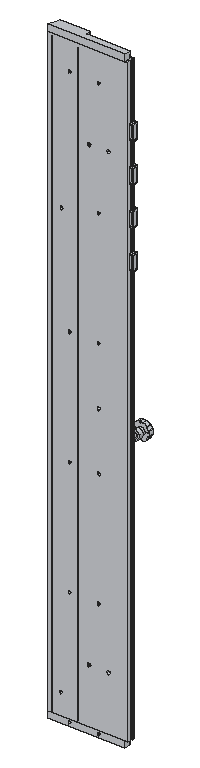
Revit family
Parameters
  URL = "http://www.gcx.com"
  GCX Mounting Channel [instance] = none
  P_Tag = ""
  Product Documentation Link = "http://www.gcx.com/tools/product-detail/components/332"
  Model = "FWM-0001-12"
  Manufacturer = "GCX, Corp."  # constant formula
  Height from Ground [instance] = 9.84252"
  GCX 2D [instance] = none
  Description = "49\"/124.5 cm channel - 13 lbs/5.9 kg to 18 lbs/8.2 kg weight range"
  Copyright © = "© 2013 GCX, Corp."  # constant formula
  Catalog = "VHC Series"  # constant formula
  Authoring Version = "Autodesk Revit Architecture 2011"  # constant formula
  Assembly Code = "E1020810"
Reference planes (in)
  plane 1 "Center (Front/Back)": y = 0
  plane 2: z = 0
  plane 3 "Center (Left/Right)": x = 0
  plane 4: y = 0.8255
  plane 5 "Heighr from Ground": z = 9.84252
Forms (in)
  Extrusion 1, solid, material <- "GCX Mounting Channel", not visible, detail levels fine
    sketch origin (0, 12.47189, 0) x (0, -1, 0) y (1, 0, 0)
      loop
        line (11.48021, -0.2575) -> (11.34989, -0.2575) -> (11.34989, -0.51439)
        arc (11.34989, -0.51439) -> (11.38448, -0.59791) -> (11.468, -0.6325) r 0.11811
        line (11.468, -0.6325) -> (12.25989, -0.6325) -> (12.25989, -0.23719)
        arc (12.25989, -0.23719) -> (12.25413, -0.22327) -> (12.24021, -0.2175) r 0.01969
        line (12.24021, -0.2175) -> (12.18958, -0.2175)
        arc (12.18958, -0.2175) -> (12.17566, -0.21173) -> (12.16989, -0.19781) r 0.01969
        line (12.16989, -0.19781) -> (12.16989, 1.76281)
        arc (12.16989, 1.76281) -> (12.17566, 1.77673) -> (12.18958, 1.7825) r 0.01969
        line (12.18958, 1.7825) -> (12.24021, 1.7825)
        arc (12.24021, 1.7825) -> (12.25413, 1.78827) -> (12.25989, 1.80219) r 0.01969
        line (12.25989, 1.80219) -> (12.25989, 2.1975) -> (11.468, 2.1975)
        arc (11.468, 2.1975) -> (11.38448, 2.16291) -> (11.34989, 2.07939) r 0.11811
        line (11.34989, 2.07939) -> (11.34989, 1.8225) -> (11.48021, 1.8225)
        arc (11.48021, 1.8225) -> (11.49413, 1.82827) -> (11.49989, 1.84219) r 0.01969
        line (11.49989, 1.84219) -> (11.49989, 2.02782)
        arc (11.49989, 2.02782) -> (11.50566, 2.04173) -> (11.51958, 2.0475) r 0.01969
        line (11.51958, 2.0475) -> (11.75021, 2.0475)
        arc (11.75021, 2.0475) -> (11.76413, 2.04173) -> (11.76989, 2.02782) r 0.01969
        line (11.76989, 2.02782) -> (11.76989, 1.87719)
        arc (11.76989, 1.87719) -> (11.77566, 1.86327) -> (11.78958, 1.8575) r 0.01969
        line (11.78958, 1.8575) -> (11.95021, 1.8575)
        arc (11.95021, 1.8575) -> (11.96413, 1.85173) -> (11.96989, 1.83782) r 0.01969
        line (11.96989, 1.83782) -> (11.96989, -0.27281)
        arc (11.96989, -0.27281) -> (11.96413, -0.28673) -> (11.95021, -0.2925) r 0.01969
        line (11.95021, -0.2925) -> (11.78958, -0.2925)
        arc (11.78958, -0.2925) -> (11.77566, -0.29827) -> (11.76989, -0.31219) r 0.01969
        line (11.76989, -0.31219) -> (11.76989, -0.46281)
        arc (11.76989, -0.46281) -> (11.76413, -0.47673) -> (11.75021, -0.4825) r 0.01969
        line (11.75021, -0.4825) -> (11.51958, -0.4825)
        arc (11.51958, -0.4825) -> (11.50566, -0.47673) -> (11.49989, -0.46281) r 0.01969
        line (11.49989, -0.46281) -> (11.49989, -0.27719)
        arc (11.49989, -0.27719) -> (11.49413, -0.26327) -> (11.48021, -0.2575) r 0.01969
    from 8.34252 to 36.34252
  Extrusion 2, solid, material <- "GCX Mounting Channel", not visible, detail levels fine
    sketch origin (0, 12.47189, 0) x (0, -1, 0) y (1, 0, 0)
      loop
        line (11.39489, 0.1975) -> (11.39489, 1.3975) -> (11.76989, 1.3975) -> (11.76989, 2.02289) -> (11.51989, 2.02289) -> (11.51989, 1.7975) -> (11.31989, 1.7975) -> (11.31989, 2.9725) -> (11.01989, 2.9725) -> (11.01989, -0.2025) -> (11.51989, -0.2025) -> (11.51989, -0.4525) -> (11.76989, -0.4525) -> (11.76989, 0.1975) -> (11.39489, 0.1975)
    from 15.59252 to 16.34252
  Revolve 3, solid, material <- "GCX Mounting Channel", not visible, detail levels fine
    sketch origin (-4.00015, 12.47189, 15.96752) x (0, -1, 0) y (1, 0, 0)
      loop
        line (11.84989, 6.59765) -> (10.31646, 6.59765) -> (10.31646, 6.14145)
        arc (10.31646, 6.14145) -> (10.39302, 5.94955) -> (10.58066, 5.86304) r 0.27879
        line (10.58066, 5.86304) -> (10.66391, 5.85868)
        arc (10.66391, 5.85868) -> (10.7009, 5.87232) -> (10.71646, 5.90854) r 0.04993
        line (10.71646, 5.90854) -> (10.71646, 6.32864) -> (10.9439, 6.33659)
        arc (10.9439, 6.33659) -> (10.96233, 6.34479) -> (10.96989, 6.3635) r 0.02693
        line (10.96989, 6.3635) -> (10.96989, 6.4739) -> (11.46989, 6.4739) -> (11.46989, 6.3486) -> (11.8052, 6.35445)
        arc (11.8052, 6.35445) -> (11.83685, 6.36805) -> (11.84989, 6.39993) r 0.04548
        line (11.84989, 6.39993) -> (11.84989, 6.59765)
      axis (10.31646, 6.59765) -> (11.84989, 6.59765)
    angle from 0 to 360
  Extrusion 4, void, not visible
    sketch origin (-4.00015, 0, -47.68998) x (1, 0, 0) y (0, 0, 1)
      loop
        arc (6.47391, 64.27338) -> (6.45131, 64.28282) -> (6.42682, 64.28206) r 0.05784
        arc (6.42682, 64.28206) -> (6.27155, 64.21908) -> (6.13988, 64.11545) r 0.59733
        arc (6.13988, 64.11545) -> (6.12857, 64.09704) -> (6.12587, 64.07561) r 0.05118
        arc (6.12587, 64.07561) -> (6.0969, 63.9455) -> (5.99836, 63.85574) r 0.22093
        arc (5.99836, 63.85574) -> (5.98009, 63.84173) -> (5.96959, 63.82122) r 0.05236
        arc (5.96959, 63.82122) -> (5.94895, 63.65612) -> (5.97045, 63.49112) r 0.65701
        arc (5.97045, 63.49112) -> (5.98065, 63.47138) -> (5.9983, 63.45789) r 0.05078
        arc (5.9983, 63.45789) -> (6.09688, 63.36813) -> (6.12587, 63.238) r 0.22093
        arc (6.12587, 63.238) -> (6.12857, 63.21656) -> (6.13988, 63.19815) r 0.05118
        arc (6.13988, 63.19815) -> (6.27155, 63.09452) -> (6.42682, 63.03155) r 0.59733
        arc (6.42682, 63.03155) -> (6.45131, 63.03078) -> (6.47391, 63.04022) r 0.05784
        arc (6.47391, 63.04022) -> (6.5978, 63.07866) -> (6.7211, 63.03841) r 0.21381
        arc (6.7211, 63.03841) -> (6.74111, 63.02974) -> (6.76291, 63.03018) r 0.05118
        arc (6.76291, 63.03018) -> (6.92127, 63.09309) -> (7.05542, 63.19815) r 0.59733
        arc (7.05542, 63.19815) -> (7.06673, 63.21656) -> (7.06943, 63.238) r 0.05118
        arc (7.06943, 63.238) -> (7.09838, 63.36806) -> (7.19686, 63.45783) r 0.22093
        arc (7.19686, 63.45783) -> (7.21464, 63.47143) -> (7.22491, 63.49132) r 0.05118
        arc (7.22491, 63.49132) -> (7.24635, 63.65622) -> (7.22571, 63.82122) r 0.65701
        arc (7.22571, 63.82122) -> (7.21521, 63.84173) -> (7.19694, 63.85574) r 0.05236
        arc (7.19694, 63.85574) -> (7.0984, 63.9455) -> (7.06943, 64.07561) r 0.22093
        arc (7.06943, 64.07561) -> (7.06673, 64.09704) -> (7.05542, 64.11545) r 0.05118
        arc (7.05542, 64.11545) -> (6.92127, 64.22051) -> (6.76291, 64.28342) r 0.59733
        arc (6.76291, 64.28342) -> (6.74111, 64.28386) -> (6.7211, 64.27519) r 0.05118
        arc (6.7211, 64.27519) -> (6.5978, 64.23494) -> (6.47391, 64.27338) r 0.21381
      loop
        line (7.35183, 62.8982) -> (7.35183, 64.4302) -> (5.85173, 64.4302) -> (5.85173, 62.8982) -> (7.35183, 62.8982)
    from -2.30079 to -1.65212
  Extrusion 5, void, not visible
    sketch origin (0.31185, -1.46608, -47.29383) x (1, 0, 0) y (0, 0, 1)
      loop
        line (2.27917, 63.63635) -> (-0.39435, 63.63635)
        arc (-0.39435, 63.63635) -> (-0.4792, 63.6012) -> (-0.51435, 63.51635) r 0.12
        line (-0.51435, 63.51635) -> (-0.51435, 63.00635)
        arc (-0.51435, 63.00635) -> (-0.4792, 62.92149) -> (-0.39435, 62.88635) r 0.12
        line (-0.39435, 62.88635) -> (2.27917, 62.88635)
        arc (2.27917, 62.88635) -> (2.65417, 63.26135) -> (2.27917, 63.63635) r 0.375
      loop
        circle (1.28624, 63.26143) r 0.15648
      loop
        circle (-0.31377, 63.26143) r 0.15648
      loop
        line (2.80097, 63.7667) -> (-0.74235, 63.7667) -> (-0.74235, 62.78244) -> (2.80097, 62.78244) -> (2.80097, 63.7667)
    from -3.68808 to -2.41808
  Extrusion 6, void, not visible
    sketch origin (-1.6908, 0, -35.94748) x (1, 0, 0) y (0, 0, 1)
      loop
        line (2.78873, 44.29) -> (2.78873, 44.9066)
        arc (2.78873, 44.9066) -> (2.4733, 45.22203) -> (2.15788, 44.9066) r 0.31542
        line (2.15788, 44.9066) -> (2.15788, 44.29) -> (2.78873, 44.29)
      loop
        line (2.7233, 53.54) -> (2.7233, 54.04)
        arc (2.7233, 54.04) -> (2.4733, 54.29) -> (2.2233, 54.04) r 0.25
        line (2.2233, 54.04) -> (2.2233, 53.54)
        arc (2.2233, 53.54) -> (2.4733, 53.29) -> (2.7233, 53.54) r 0.25
      loop
        line (2.7233, 62.54) -> (2.7233, 63.04)
        arc (2.7233, 63.04) -> (2.4733, 63.29) -> (2.2233, 63.04) r 0.25
        line (2.2233, 63.04) -> (2.2233, 62.54)
        arc (2.2233, 62.54) -> (2.4733, 62.29) -> (2.7233, 62.54) r 0.25
      loop
        line (2.78873, 71.665) -> (2.78873, 72.29) -> (2.15788, 72.29) -> (2.15788, 71.665)
        arc (2.15788, 71.665) -> (2.4733, 71.34958) -> (2.78873, 71.665) r 0.31542
    from -0.502 to -0.302
  Extrusion 7, solid, material <- "GCX Mounting Channel", not visible, detail levels fine
    sketch origin (0, 12.47189, 0) x (0, -1, 0) y (1, 0, 0)
      loop
        line (11.92189, -3.0675) -> (12.35218, -3.0675)
        arc (12.35218, -3.0675) -> (12.36612, -3.07327) -> (12.37189, -3.08721) r 0.01971
        line (12.37189, -3.08721) -> (12.37189, -3.20436) -> (12.47189, -3.20785) -> (12.47189, 2.9725) -> (12.27189, 2.9725) -> (12.27189, 2.9225) -> (12.32189, 2.9225) -> (12.32189, 2.7725) -> (11.97189, 2.7725) -> (11.97189, 2.9225) -> (12.02189, 2.9225) -> (12.02189, 2.9725) -> (11.93062, 2.9725)
        arc (11.93062, 2.9725) -> (11.87495, 2.94944) -> (11.85189, 2.89377) r 0.07873
        line (11.85189, 2.89377) -> (11.85189, 2.2925)
        arc (11.85189, 2.2925) -> (11.85775, 2.27836) -> (11.87189, 2.2725) r 0.02
        line (11.87189, 2.2725) -> (11.97989, 2.2725)
        arc (11.97989, 2.2725) -> (11.99403, 2.27836) -> (11.99989, 2.2925) r 0.02
        line (11.99989, 2.2925) -> (11.99989, 2.5525)
        arc (11.99989, 2.5525) -> (12.00575, 2.56664) -> (12.01989, 2.5725) r 0.02
        line (12.01989, 2.5725) -> (12.29989, 2.5725)
        arc (12.29989, 2.5725) -> (12.31403, 2.56664) -> (12.31989, 2.5525) r 0.02
        line (12.31989, 2.5525) -> (12.31989, -0.9875)
        arc (12.31989, -0.9875) -> (12.31403, -1.00164) -> (12.29989, -1.0075) r 0.02
        line (12.29989, -1.0075) -> (12.01989, -1.0075)
        arc (12.01989, -1.0075) -> (12.00575, -1.00164) -> (11.99989, -0.9875) r 0.02
        line (11.99989, -0.9875) -> (11.99989, -0.7275)
        arc (11.99989, -0.7275) -> (11.99403, -0.71336) -> (11.97989, -0.7075) r 0.02
        line (11.97989, -0.7075) -> (11.87189, -0.7075)
        arc (11.87189, -0.7075) -> (11.85775, -0.71336) -> (11.85189, -0.7275) r 0.02
        line (11.85189, -0.7275) -> (11.85189, -1.1875)
        arc (11.85189, -1.1875) -> (11.85775, -1.20164) -> (11.87189, -1.2075) r 0.02
        line (11.87189, -1.2075) -> (12.35189, -1.2075)
        arc (12.35189, -1.2075) -> (12.36603, -1.21336) -> (12.37189, -1.2275) r 0.02
        line (12.37189, -1.2275) -> (12.37189, -2.9475)
        arc (12.37189, -2.9475) -> (12.36603, -2.96164) -> (12.35189, -2.9675) r 0.02
        line (12.35189, -2.9675) -> (11.92189, -2.9675) -> (11.92189, -3.0675)
    from -4.65748 to 42.34252
  Sweep 8, solid, material <- "GCX Mounting Channel", not visible, detail levels fine
    path origin (163.42235, 0.8255, 30.7177) x (0, 0, 1) y (1, 0, 0)
      loop
        line (-2.78965, -160.44985) -> (-2.78965, -160.18672)
        arc (-2.78965, -160.18672) -> (-2.78188, -160.16795) -> (-2.7631, -160.16018) r 0.02655
        line (-2.7631, -160.16018) -> (-1.62042, -160.16018)
        arc (-1.62042, -160.16018) -> (-1.59921, -160.16896) -> (-1.59042, -160.19018) r 0.03
        line (-1.59042, -160.19018) -> (-1.59042, -160.44985)
    profile origin (3.2544, 0.8255, 27.93582) x (0.707107, 0, -0.707107) y (0, 1, 0)
      loop
        arc (0.02344, -0.3455) -> (0.01758, -0.33136) -> (0.00344, -0.3255) r 0.02
        line (0.00344, -0.3255) -> (0.00344, -0.6755)
        arc (0.00344, -0.6755) -> (0.01758, -0.66964) -> (0.02344, -0.6555) r 0.02
        line (0.02344, -0.6555) -> (0.02344, -0.3455)
  Extrusion 9, solid, material <- "GCX Mounting Channel", not visible, detail levels fine
    sketch origin (163.42235, 0.8255, 30.7177) x (0, 0, 1) y (1, 0, 0)
      loop
        line (-1.58698, -160.44985) -> (-1.58698, -160.19018)
        arc (-1.58698, -160.19018) -> (-1.59677, -160.16653) -> (-1.62042, -160.15674) r 0.03344
        line (-1.62042, -160.15674) -> (-2.7631, -160.15674)
        arc (-2.7631, -160.15674) -> (-2.78431, -160.16552) -> (-2.79309, -160.18672) r 0.02998
        line (-2.79309, -160.18672) -> (-2.79309, -160.44985) -> (-1.58698, -160.44985)
      loop
        line (-1.65892, -160.39096) -> (-1.65892, -160.22874) -> (-2.72115, -160.22874) -> (-2.72115, -160.39096) -> (-1.65892, -160.39096)
    from -0.6755 to -0.3255
  Extrusion 10, solid, material <- "GCX Mounting Channel", not visible, detail levels fine
    sketch origin (163.42235, 0.8255, 30.7177) x (0, 0, 1) y (1, 0, 0)
      loop
        line (-1.96835, -160.39096) -> (-1.96835, -160.22874) -> (-2.41172, -160.22874) -> (-2.41172, -160.39096) -> (-1.96835, -160.39096)
    from -0.59555 to -0.40545
  Extrusion 11, solid, material <- "GCX Mounting Channel", not visible, detail levels fine
    sketch origin (0, 12.47189, -88.30748) x (0, -1, 0) y (1, 0, 0)
      loop
        arc (11.97204, 2.72539) -> (11.87974, 2.6843) -> (11.84189, 2.59062) r 0.13485
        line (11.84189, 2.59062) -> (11.84189, -0.7075) -> (11.57728, -0.71768)
        arc (11.57728, -0.71768) -> (11.40675, -0.79415) -> (11.33689, -0.96749) r 0.25
        line (11.33689, -0.96749) -> (11.33689, -2.92679)
        arc (11.33689, -2.92679) -> (11.40706, -3.10046) -> (11.57817, -3.17664) r 0.25
        line (11.57817, -3.17664) -> (12.47189, -3.20785) -> (12.47189, 2.74285) -> (11.97204, 2.72539)
    from 130.65 to 131.92
  Extrusion 12, void, not visible
    sketch origin (0, 0, -88.30748) x (0, 1, 0) y (0, 0, 1)
      loop
        line (2.8956, 130.64435) -> (2.8956, 132.16233) -> (0, 132.16233) -> (0, 131.15) -> (2.8956, 130.64435)
    from -8.15692 to 6.97707
  Extrusion 13, solid, material <- "GCX Mounting Channel", not visible, detail levels fine
    sketch origin (0, 12.47189, 0) x (0, -1, 0) y (1, 0, 0)
      loop
        line (11.58263, -3.1768) -> (12.37189, -3.20436) -> (12.37189, -3.0675) -> (11.92189, -3.0675) -> (11.92189, -2.9675) -> (12.37189, -2.9675) -> (12.37189, -1.2075) -> (11.85189, -1.2075) -> (11.85189, -0.70712) -> (11.58347, -0.71744)
        arc (11.58347, -0.71744) -> (11.40855, -0.79588) -> (11.33689, -0.97369) r 0.25643
        line (11.33689, -0.97369) -> (11.33689, -2.92233)
        arc (11.33689, -2.92233) -> (11.40835, -3.0992) -> (11.58263, -3.1768) r 0.25462
    from -4.65748 to 42.34252
  Extrusion 14, solid, material <- "GCX Mounting Channel", not visible, detail levels fine
    sketch origin (0, 0, 0) x (1, 0, 0) y (0, 0, 1)
      loop
        line (2.2725, -4.40748) -> (-0.7075, -4.40748) -> (-0.7075, -4.65748) -> (2.2725, -4.65748) -> (2.2725, -4.40748)
    from -0.61998 to -0.152
  Extrusion 15, solid, material <- "GCX Mounting Channel", not visible, detail levels fine
    sketch origin (0, 12.47189, 0) x (0, -1, 0) y (1, 0, 0)
      loop
        line (11.84189, -0.7075) -> (11.57728, -0.71768)
        arc (11.57728, -0.71768) -> (11.40675, -0.79415) -> (11.33689, -0.96749) r 0.25
        line (11.33689, -0.96749) -> (11.33689, -2.92679)
        arc (11.33689, -2.92679) -> (11.40706, -3.10046) -> (11.57817, -3.17664) r 0.25
        line (11.57817, -3.17664) -> (12.47189, -3.20785) -> (12.47189, 2.74285) -> (11.97204, 2.72539)
        arc (11.97204, 2.72539) -> (11.87974, 2.6843) -> (11.84189, 2.59062) r 0.13485
        line (11.84189, 2.59062) -> (11.84189, -0.7075)
    from -5.15748 to -4.65748
  Extrusion 16, solid, material <- "GCX Mounting Channel", detail levels fine
    sketch origin (0, 12.47189, 15) x (0, -1, 0) y (1, 0, 0)
      loop
        line (11.48021, -0.2575) -> (11.34989, -0.2575) -> (11.34989, -0.51439)
        arc (11.34989, -0.51439) -> (11.38448, -0.59791) -> (11.468, -0.6325) r 0.11811
        line (11.468, -0.6325) -> (12.25989, -0.6325) -> (12.25989, -0.23719)
        arc (12.25989, -0.23719) -> (12.25413, -0.22327) -> (12.24021, -0.2175) r 0.01969
        line (12.24021, -0.2175) -> (12.18958, -0.2175)
        arc (12.18958, -0.2175) -> (12.17566, -0.21173) -> (12.16989, -0.19781) r 0.01969
        line (12.16989, -0.19781) -> (12.16989, 1.76281)
        arc (12.16989, 1.76281) -> (12.17566, 1.77673) -> (12.18958, 1.7825) r 0.01969
        line (12.18958, 1.7825) -> (12.24021, 1.7825)
        arc (12.24021, 1.7825) -> (12.25413, 1.78827) -> (12.25989, 1.80219) r 0.01969
        line (12.25989, 1.80219) -> (12.25989, 2.1975) -> (11.468, 2.1975)
        arc (11.468, 2.1975) -> (11.38448, 2.16291) -> (11.34989, 2.07939) r 0.11811
        line (11.34989, 2.07939) -> (11.34989, 1.8225) -> (11.48021, 1.8225)
        arc (11.48021, 1.8225) -> (11.49413, 1.82827) -> (11.49989, 1.84219) r 0.01969
        line (11.49989, 1.84219) -> (11.49989, 2.02782)
        arc (11.49989, 2.02782) -> (11.50566, 2.04173) -> (11.51958, 2.0475) r 0.01969
        line (11.51958, 2.0475) -> (11.75021, 2.0475)
        arc (11.75021, 2.0475) -> (11.76413, 2.04173) -> (11.76989, 2.02782) r 0.01969
        line (11.76989, 2.02782) -> (11.76989, 1.87719)
        arc (11.76989, 1.87719) -> (11.77566, 1.86327) -> (11.78958, 1.8575) r 0.01969
        line (11.78958, 1.8575) -> (11.95021, 1.8575)
        arc (11.95021, 1.8575) -> (11.96413, 1.85173) -> (11.96989, 1.83782) r 0.01969
        line (11.96989, 1.83782) -> (11.96989, -0.27281)
        arc (11.96989, -0.27281) -> (11.96413, -0.28673) -> (11.95021, -0.2925) r 0.01969
        line (11.95021, -0.2925) -> (11.78958, -0.2925)
        arc (11.78958, -0.2925) -> (11.77566, -0.29827) -> (11.76989, -0.31219) r 0.01969
        line (11.76989, -0.31219) -> (11.76989, -0.46281)
        arc (11.76989, -0.46281) -> (11.76413, -0.47673) -> (11.75021, -0.4825) r 0.01969
        line (11.75021, -0.4825) -> (11.51958, -0.4825)
        arc (11.51958, -0.4825) -> (11.50566, -0.47673) -> (11.49989, -0.46281) r 0.01969
        line (11.49989, -0.46281) -> (11.49989, -0.27719)
        arc (11.49989, -0.27719) -> (11.49413, -0.26327) -> (11.48021, -0.2575) r 0.01969
    from 8.34252 to 36.34252
  Extrusion 17, solid, material <- "GCX Mounting Channel", detail levels fine
    sketch origin (0, 12.47189, 15) x (0, -1, 0) y (1, 0, 0)
      loop
        line (11.39489, 0.1975) -> (11.39489, 1.3975) -> (11.76989, 1.3975) -> (11.76989, 2.02289) -> (11.51989, 2.02289) -> (11.51989, 1.7975) -> (11.31989, 1.7975) -> (11.31989, 2.9725) -> (11.01989, 2.9725) -> (11.01989, -0.2025) -> (11.51989, -0.2025) -> (11.51989, -0.4525) -> (11.76989, -0.4525) -> (11.76989, 0.1975) -> (11.39489, 0.1975)
    from 15.59252 to 16.34252
  Revolve 18, solid, material <- "GCX Mounting Channel", detail levels fine
    sketch origin (-4.00015, 12.47189, 30.96752) x (0, -1, 0) y (1, 0, 0)
      loop
        line (11.84989, 6.59765) -> (10.31646, 6.59765) -> (10.31646, 6.14145)
        arc (10.31646, 6.14145) -> (10.39302, 5.94955) -> (10.58066, 5.86304) r 0.27879
        line (10.58066, 5.86304) -> (10.66391, 5.85868)
        arc (10.66391, 5.85868) -> (10.7009, 5.87232) -> (10.71646, 5.90854) r 0.04993
        line (10.71646, 5.90854) -> (10.71646, 6.32864) -> (10.9439, 6.33659)
        arc (10.9439, 6.33659) -> (10.96233, 6.34479) -> (10.96989, 6.3635) r 0.02693
        line (10.96989, 6.3635) -> (10.96989, 6.4739) -> (11.46989, 6.4739) -> (11.46989, 6.3486) -> (11.8052, 6.35445)
        arc (11.8052, 6.35445) -> (11.83685, 6.36805) -> (11.84989, 6.39993) r 0.04548
        line (11.84989, 6.39993) -> (11.84989, 6.59765)
      axis (10.31646, 6.59765) -> (11.84989, 6.59765)
    angle from 0 to 360
  Extrusion 19, void
    sketch origin (-4.00015, 0, -32.68998) x (1, 0, 0) y (0, 0, 1)
      loop
        arc (6.47391, 64.27338) -> (6.45131, 64.28282) -> (6.42682, 64.28206) r 0.05784
        arc (6.42682, 64.28206) -> (6.27155, 64.21908) -> (6.13988, 64.11545) r 0.59733
        arc (6.13988, 64.11545) -> (6.12857, 64.09704) -> (6.12587, 64.07561) r 0.05118
        arc (6.12587, 64.07561) -> (6.0969, 63.9455) -> (5.99836, 63.85574) r 0.22093
        arc (5.99836, 63.85574) -> (5.98009, 63.84173) -> (5.96959, 63.82122) r 0.05236
        arc (5.96959, 63.82122) -> (5.94895, 63.65612) -> (5.97045, 63.49112) r 0.65701
        arc (5.97045, 63.49112) -> (5.98065, 63.47138) -> (5.9983, 63.45789) r 0.05078
        arc (5.9983, 63.45789) -> (6.09688, 63.36813) -> (6.12587, 63.238) r 0.22093
        arc (6.12587, 63.238) -> (6.12857, 63.21656) -> (6.13988, 63.19815) r 0.05118
        arc (6.13988, 63.19815) -> (6.27155, 63.09452) -> (6.42682, 63.03155) r 0.59733
        arc (6.42682, 63.03155) -> (6.45131, 63.03078) -> (6.47391, 63.04022) r 0.05784
        arc (6.47391, 63.04022) -> (6.5978, 63.07866) -> (6.7211, 63.03841) r 0.21381
        arc (6.7211, 63.03841) -> (6.74111, 63.02974) -> (6.76291, 63.03018) r 0.05118
        arc (6.76291, 63.03018) -> (6.92127, 63.09309) -> (7.05542, 63.19815) r 0.59733
        arc (7.05542, 63.19815) -> (7.06673, 63.21656) -> (7.06943, 63.238) r 0.05118
        arc (7.06943, 63.238) -> (7.09838, 63.36806) -> (7.19686, 63.45783) r 0.22093
        arc (7.19686, 63.45783) -> (7.21464, 63.47143) -> (7.22491, 63.49132) r 0.05118
        arc (7.22491, 63.49132) -> (7.24635, 63.65622) -> (7.22571, 63.82122) r 0.65701
        arc (7.22571, 63.82122) -> (7.21521, 63.84173) -> (7.19694, 63.85574) r 0.05236
        arc (7.19694, 63.85574) -> (7.0984, 63.9455) -> (7.06943, 64.07561) r 0.22093
        arc (7.06943, 64.07561) -> (7.06673, 64.09704) -> (7.05542, 64.11545) r 0.05118
        arc (7.05542, 64.11545) -> (6.92127, 64.22051) -> (6.76291, 64.28342) r 0.59733
        arc (6.76291, 64.28342) -> (6.74111, 64.28386) -> (6.7211, 64.27519) r 0.05118
        arc (6.7211, 64.27519) -> (6.5978, 64.23494) -> (6.47391, 64.27338) r 0.21381
      loop
        line (7.35183, 62.8982) -> (7.35183, 64.4302) -> (5.85173, 64.4302) -> (5.85173, 62.8982) -> (7.35183, 62.8982)
    from -2.30079 to -1.65212
  Extrusion 20, void
    sketch origin (0.31185, -1.46608, -32.29383) x (1, 0, 0) y (0, 0, 1)
      loop
        line (2.27917, 63.63635) -> (-0.39435, 63.63635)
        arc (-0.39435, 63.63635) -> (-0.4792, 63.6012) -> (-0.51435, 63.51635) r 0.12
        line (-0.51435, 63.51635) -> (-0.51435, 63.00635)
        arc (-0.51435, 63.00635) -> (-0.4792, 62.92149) -> (-0.39435, 62.88635) r 0.12
        line (-0.39435, 62.88635) -> (2.27917, 62.88635)
        arc (2.27917, 62.88635) -> (2.65417, 63.26135) -> (2.27917, 63.63635) r 0.375
      loop
        circle (1.28624, 63.26143) r 0.15648
      loop
        circle (-0.31377, 63.26143) r 0.15648
      loop
        line (2.80097, 63.7667) -> (-0.74235, 63.7667) -> (-0.74235, 62.78244) -> (2.80097, 62.78244) -> (2.80097, 63.7667)
    from -3.68808 to -2.41808
  Extrusion 21, void
    sketch origin (-1.6908, 0, -20.94748) x (1, 0, 0) y (0, 0, 1)
      loop
        line (2.78873, 44.29) -> (2.78873, 44.9066)
        arc (2.78873, 44.9066) -> (2.4733, 45.22203) -> (2.15788, 44.9066) r 0.31542
        line (2.15788, 44.9066) -> (2.15788, 44.29) -> (2.78873, 44.29)
      loop
        line (2.7233, 53.54) -> (2.7233, 54.04)
        arc (2.7233, 54.04) -> (2.4733, 54.29) -> (2.2233, 54.04) r 0.25
        line (2.2233, 54.04) -> (2.2233, 53.54)
        arc (2.2233, 53.54) -> (2.4733, 53.29) -> (2.7233, 53.54) r 0.25
      loop
        line (2.7233, 62.54) -> (2.7233, 63.04)
        arc (2.7233, 63.04) -> (2.4733, 63.29) -> (2.2233, 63.04) r 0.25
        line (2.2233, 63.04) -> (2.2233, 62.54)
        arc (2.2233, 62.54) -> (2.4733, 62.29) -> (2.7233, 62.54) r 0.25
      loop
        line (2.78873, 71.665) -> (2.78873, 72.29) -> (2.15788, 72.29) -> (2.15788, 71.665)
        arc (2.15788, 71.665) -> (2.4733, 71.34958) -> (2.78873, 71.665) r 0.31542
    from -0.502 to -0.302
  Extrusion 22, solid, material <- "GCX Mounting Channel", detail levels fine
    sketch origin (0, 12.47189, 15) x (0, -1, 0) y (1, 0, 0)
      loop
        line (11.92189, -3.0675) -> (12.35218, -3.0675)
        arc (12.35218, -3.0675) -> (12.36612, -3.07327) -> (12.37189, -3.08721) r 0.01971
        line (12.37189, -3.08721) -> (12.37189, -3.20436) -> (12.47189, -3.20785) -> (12.47189, 2.9725) -> (12.27189, 2.9725) -> (12.27189, 2.9225) -> (12.32189, 2.9225) -> (12.32189, 2.7725) -> (11.97189, 2.7725) -> (11.97189, 2.9225) -> (12.02189, 2.9225) -> (12.02189, 2.9725) -> (11.93062, 2.9725)
        arc (11.93062, 2.9725) -> (11.87495, 2.94944) -> (11.85189, 2.89377) r 0.07873
        line (11.85189, 2.89377) -> (11.85189, 2.2925)
        arc (11.85189, 2.2925) -> (11.85775, 2.27836) -> (11.87189, 2.2725) r 0.02
        line (11.87189, 2.2725) -> (11.97989, 2.2725)
        arc (11.97989, 2.2725) -> (11.99403, 2.27836) -> (11.99989, 2.2925) r 0.02
        line (11.99989, 2.2925) -> (11.99989, 2.5525)
        arc (11.99989, 2.5525) -> (12.00575, 2.56664) -> (12.01989, 2.5725) r 0.02
        line (12.01989, 2.5725) -> (12.29989, 2.5725)
        arc (12.29989, 2.5725) -> (12.31403, 2.56664) -> (12.31989, 2.5525) r 0.02
        line (12.31989, 2.5525) -> (12.31989, -0.9875)
        arc (12.31989, -0.9875) -> (12.31403, -1.00164) -> (12.29989, -1.0075) r 0.02
        line (12.29989, -1.0075) -> (12.01989, -1.0075)
        arc (12.01989, -1.0075) -> (12.00575, -1.00164) -> (11.99989, -0.9875) r 0.02
        line (11.99989, -0.9875) -> (11.99989, -0.7275)
        arc (11.99989, -0.7275) -> (11.99403, -0.71336) -> (11.97989, -0.7075) r 0.02
        line (11.97989, -0.7075) -> (11.87189, -0.7075)
        arc (11.87189, -0.7075) -> (11.85775, -0.71336) -> (11.85189, -0.7275) r 0.02
        line (11.85189, -0.7275) -> (11.85189, -1.1875)
        arc (11.85189, -1.1875) -> (11.85775, -1.20164) -> (11.87189, -1.2075) r 0.02
        line (11.87189, -1.2075) -> (12.35189, -1.2075)
        arc (12.35189, -1.2075) -> (12.36603, -1.21336) -> (12.37189, -1.2275) r 0.02
        line (12.37189, -1.2275) -> (12.37189, -2.9475)
        arc (12.37189, -2.9475) -> (12.36603, -2.96164) -> (12.35189, -2.9675) r 0.02
        line (12.35189, -2.9675) -> (11.92189, -2.9675) -> (11.92189, -3.0675)
    from -4.65748 to 42.34252
  Sweep 23, solid, material <- "GCX Mounting Channel", detail levels fine
    path origin (163.42235, 0.8255, 45.7177) x (0, 0, 1) y (1, 0, 0)
      loop
        line (-2.78965, -160.44985) -> (-2.78965, -160.18672)
        arc (-2.78965, -160.18672) -> (-2.78188, -160.16795) -> (-2.7631, -160.16018) r 0.02655
        line (-2.7631, -160.16018) -> (-1.62042, -160.16018)
        arc (-1.62042, -160.16018) -> (-1.59921, -160.16896) -> (-1.59042, -160.19018) r 0.03
        line (-1.59042, -160.19018) -> (-1.59042, -160.44985)
    profile origin (3.2544, 0.8255, 42.93582) x (0.707107, 0, -0.707107) y (0, 1, 0)
      loop
        arc (0.02344, -0.3455) -> (0.01758, -0.33136) -> (0.00344, -0.3255) r 0.02
        line (0.00344, -0.3255) -> (0.00344, -0.6755)
        arc (0.00344, -0.6755) -> (0.01758, -0.66964) -> (0.02344, -0.6555) r 0.02
        line (0.02344, -0.6555) -> (0.02344, -0.3455)
  Extrusion 24, solid, material <- "GCX Mounting Channel", detail levels fine
    sketch origin (163.42235, 0.8255, 45.7177) x (0, 0, 1) y (1, 0, 0)
      loop
        line (-1.58698, -160.44985) -> (-1.58698, -160.19018)
        arc (-1.58698, -160.19018) -> (-1.59677, -160.16653) -> (-1.62042, -160.15674) r 0.03344
        line (-1.62042, -160.15674) -> (-2.7631, -160.15674)
        arc (-2.7631, -160.15674) -> (-2.78431, -160.16552) -> (-2.79309, -160.18672) r 0.02998
        line (-2.79309, -160.18672) -> (-2.79309, -160.44985) -> (-1.58698, -160.44985)
      loop
        line (-1.65892, -160.39096) -> (-1.65892, -160.22874) -> (-2.72115, -160.22874) -> (-2.72115, -160.39096) -> (-1.65892, -160.39096)
    from -0.6755 to -0.3255
  Extrusion 25, solid, material <- "GCX Mounting Channel", detail levels fine
    sketch origin (163.42235, 0.8255, 45.7177) x (0, 0, 1) y (1, 0, 0)
      loop
        line (-1.96835, -160.39096) -> (-1.96835, -160.22874) -> (-2.41172, -160.22874) -> (-2.41172, -160.39096) -> (-1.96835, -160.39096)
    from -0.59555 to -0.40545
  Extrusion 26, solid, material <- "GCX Mounting Channel", detail levels fine
    sketch origin (0, 12.47189, -73.30748) x (0, -1, 0) y (1, 0, 0)
      loop
        arc (11.97204, 2.72539) -> (11.87974, 2.6843) -> (11.84189, 2.59062) r 0.13485
        line (11.84189, 2.59062) -> (11.84189, -0.7075) -> (11.57728, -0.71768)
        arc (11.57728, -0.71768) -> (11.40675, -0.79415) -> (11.33689, -0.96749) r 0.25
        line (11.33689, -0.96749) -> (11.33689, -2.92679)
        arc (11.33689, -2.92679) -> (11.40706, -3.10046) -> (11.57817, -3.17664) r 0.25
        line (11.57817, -3.17664) -> (12.47189, -3.20785) -> (12.47189, 2.74285) -> (11.97204, 2.72539)
    from 130.65 to 131.92
  Extrusion 27, void
    sketch origin (0, 0, -73.30748) x (0, 1, 0) y (0, 0, 1)
      loop
        line (2.8956, 130.64435) -> (2.8956, 132.16233) -> (0, 132.16233) -> (0, 131.15) -> (2.8956, 130.64435)
    from -8.15692 to 6.97707
  Extrusion 28, solid, material <- "GCX Mounting Channel", detail levels fine
    sketch origin (0, 12.47189, 15) x (0, -1, 0) y (1, 0, 0)
      loop
        line (11.58263, -3.1768) -> (12.37189, -3.20436) -> (12.37189, -3.0675) -> (11.92189, -3.0675) -> (11.92189, -2.9675) -> (12.37189, -2.9675) -> (12.37189, -1.2075) -> (11.85189, -1.2075) -> (11.85189, -0.70712) -> (11.58347, -0.71744)
        arc (11.58347, -0.71744) -> (11.40855, -0.79588) -> (11.33689, -0.97369) r 0.25643
        line (11.33689, -0.97369) -> (11.33689, -2.92233)
        arc (11.33689, -2.92233) -> (11.40835, -3.0992) -> (11.58263, -3.1768) r 0.25462
    from -4.65748 to 42.34252
  Extrusion 29, solid, material <- "GCX Mounting Channel", detail levels fine
    sketch origin (0, 0, 15) x (1, 0, 0) y (0, 0, 1)
      loop
        line (2.2725, -4.40748) -> (-0.7075, -4.40748) -> (-0.7075, -4.65748) -> (2.2725, -4.65748) -> (2.2725, -4.40748)
    from -0.61998 to -0.152
  Extrusion 30, solid, material <- "GCX Mounting Channel", detail levels fine
    sketch origin (0, 12.47189, 15) x (0, -1, 0) y (1, 0, 0)
      loop
        line (11.84189, -0.7075) -> (11.57728, -0.71768)
        arc (11.57728, -0.71768) -> (11.40675, -0.79415) -> (11.33689, -0.96749) r 0.25
        line (11.33689, -0.96749) -> (11.33689, -2.92679)
        arc (11.33689, -2.92679) -> (11.40706, -3.10046) -> (11.57817, -3.17664) r 0.25
        line (11.57817, -3.17664) -> (12.47189, -3.20785) -> (12.47189, 2.74285) -> (11.97204, 2.72539)
        arc (11.97204, 2.72539) -> (11.87974, 2.6843) -> (11.84189, 2.59062) r 0.13485
        line (11.84189, 2.59062) -> (11.84189, -0.7075)
    from -5.15748 to -4.65748
  Extrusion 31, solid, material <- "GCX 2D", detail levels medium
    sketch origin (0, 12.47189, 9) x (0, -1, 0) y (1, 0, 0)
      loop
        line (11.33689, -3.16821) -> (12.47189, -3.16821) -> (12.47189, 2.9725) -> (11.33689, 2.9725) -> (11.33689, -3.16821)
    from 0.84252 to 48.84252
  Extrusion 32, solid, material <- "GCX 2D", not visible, detail levels medium
    sketch origin (0, 12.47189, -6) x (0, -1, 0) y (1, 0, 0)
      loop
        line (11.33689, -3.16821) -> (12.47189, -3.16821) -> (12.47189, 2.9725) -> (11.33689, 2.9725) -> (11.33689, -3.16821)
    from 0.84252 to 48.84252
  Sweep 33, solid, material <- "GCX Mounting Channel", detail levels fine
    path origin (163.42235, 0.8255, 48.71426) x (0, 0, 1) y (1, 0, 0)
      loop
        line (-2.78965, -160.44985) -> (-2.78965, -160.18672)
        arc (-2.78965, -160.18672) -> (-2.78188, -160.16795) -> (-2.7631, -160.16018) r 0.02655
        line (-2.7631, -160.16018) -> (-1.62042, -160.16018)
        arc (-1.62042, -160.16018) -> (-1.59921, -160.16896) -> (-1.59042, -160.19018) r 0.03
        line (-1.59042, -160.19018) -> (-1.59042, -160.44985)
    profile origin (3.2544, 0.8255, 45.93239) x (0.707107, 0, -0.707107) y (0, 1, 0)
      loop
        arc (0.02344, -0.3455) -> (0.01758, -0.33136) -> (0.00344, -0.3255) r 0.02
        line (0.00344, -0.3255) -> (0.00344, -0.6755)
        arc (0.00344, -0.6755) -> (0.01758, -0.66964) -> (0.02344, -0.6555) r 0.02
        line (0.02344, -0.6555) -> (0.02344, -0.3455)
  Extrusion 34, solid, material <- "GCX Mounting Channel", detail levels fine
    sketch origin (163.42235, 0.8255, 48.71426) x (0, 0, 1) y (1, 0, 0)
      loop
        line (-1.58698, -160.44985) -> (-1.58698, -160.19018)
        arc (-1.58698, -160.19018) -> (-1.59677, -160.16653) -> (-1.62042, -160.15674) r 0.03344
        line (-1.62042, -160.15674) -> (-2.7631, -160.15674)
        arc (-2.7631, -160.15674) -> (-2.78431, -160.16552) -> (-2.79309, -160.18672) r 0.02998
        line (-2.79309, -160.18672) -> (-2.79309, -160.44985) -> (-1.58698, -160.44985)
      loop
        line (-1.65892, -160.39096) -> (-1.65892, -160.22874) -> (-2.72115, -160.22874) -> (-2.72115, -160.39096) -> (-1.65892, -160.39096)
    from -0.6755 to -0.3255
  Extrusion 35, solid, material <- "GCX Mounting Channel", detail levels fine
    sketch origin (163.42235, 0.8255, 48.71426) x (0, 0, 1) y (1, 0, 0)
      loop
        line (-1.96835, -160.39096) -> (-1.96835, -160.22874) -> (-2.41172, -160.22874) -> (-2.41172, -160.39096) -> (-1.96835, -160.39096)
    from -0.59555 to -0.40545
  Sweep 36, solid, material <- "GCX Mounting Channel", detail levels fine
    path origin (163.42235, 0.8255, 51.71426) x (0, 0, 1) y (1, 0, 0)
      loop
        line (-2.78965, -160.44985) -> (-2.78965, -160.18672)
        arc (-2.78965, -160.18672) -> (-2.78188, -160.16795) -> (-2.7631, -160.16018) r 0.02655
        line (-2.7631, -160.16018) -> (-1.62042, -160.16018)
        arc (-1.62042, -160.16018) -> (-1.59921, -160.16896) -> (-1.59042, -160.19018) r 0.03
        line (-1.59042, -160.19018) -> (-1.59042, -160.44985)
    profile origin (3.2544, 0.8255, 48.93238) x (0.707107, 0, -0.707107) y (0, 1, 0)
      loop
        arc (0.02344, -0.3455) -> (0.01758, -0.33136) -> (0.00344, -0.3255) r 0.02
        line (0.00344, -0.3255) -> (0.00344, -0.6755)
        arc (0.00344, -0.6755) -> (0.01758, -0.66964) -> (0.02344, -0.6555) r 0.02
        line (0.02344, -0.6555) -> (0.02344, -0.3455)
  Extrusion 37, solid, material <- "GCX Mounting Channel", detail levels fine
    sketch origin (163.42235, 0.8255, 51.71426) x (0, 0, 1) y (1, 0, 0)
      loop
        line (-1.58698, -160.44985) -> (-1.58698, -160.19018)
        arc (-1.58698, -160.19018) -> (-1.59677, -160.16653) -> (-1.62042, -160.15674) r 0.03344
        line (-1.62042, -160.15674) -> (-2.7631, -160.15674)
        arc (-2.7631, -160.15674) -> (-2.78431, -160.16552) -> (-2.79309, -160.18672) r 0.02998
        line (-2.79309, -160.18672) -> (-2.79309, -160.44985) -> (-1.58698, -160.44985)
      loop
        line (-1.65892, -160.39096) -> (-1.65892, -160.22874) -> (-2.72115, -160.22874) -> (-2.72115, -160.39096) -> (-1.65892, -160.39096)
    from -0.6755 to -0.3255
  Extrusion 38, solid, material <- "GCX Mounting Channel", detail levels fine
    sketch origin (163.42235, 0.8255, 51.71426) x (0, 0, 1) y (1, 0, 0)
      loop
        line (-1.96835, -160.39096) -> (-1.96835, -160.22874) -> (-2.41172, -160.22874) -> (-2.41172, -160.39096) -> (-1.96835, -160.39096)
    from -0.59555 to -0.40545
  Sweep 39, solid, material <- "GCX Mounting Channel", detail levels fine
    path origin (163.42235, 0.8255, 54.71426) x (0, 0, 1) y (1, 0, 0)
      loop
        line (-2.78965, -160.44985) -> (-2.78965, -160.18672)
        arc (-2.78965, -160.18672) -> (-2.78188, -160.16795) -> (-2.7631, -160.16018) r 0.02655
        line (-2.7631, -160.16018) -> (-1.62042, -160.16018)
        arc (-1.62042, -160.16018) -> (-1.59921, -160.16896) -> (-1.59042, -160.19018) r 0.03
        line (-1.59042, -160.19018) -> (-1.59042, -160.44985)
    profile origin (3.2544, 0.8255, 51.93238) x (0.707107, 0, -0.707107) y (0, 1, 0)
      loop
        arc (0.02344, -0.3455) -> (0.01758, -0.33136) -> (0.00344, -0.3255) r 0.02
        line (0.00344, -0.3255) -> (0.00344, -0.6755)
        arc (0.00344, -0.6755) -> (0.01758, -0.66964) -> (0.02344, -0.6555) r 0.02
        line (0.02344, -0.6555) -> (0.02344, -0.3455)
  Extrusion 40, solid, material <- "GCX Mounting Channel", detail levels fine
    sketch origin (163.42235, 0.8255, 54.71426) x (0, 0, 1) y (1, 0, 0)
      loop
        line (-1.58698, -160.44985) -> (-1.58698, -160.19018)
        arc (-1.58698, -160.19018) -> (-1.59677, -160.16653) -> (-1.62042, -160.15674) r 0.03344
        line (-1.62042, -160.15674) -> (-2.7631, -160.15674)
        arc (-2.7631, -160.15674) -> (-2.78431, -160.16552) -> (-2.79309, -160.18672) r 0.02998
        line (-2.79309, -160.18672) -> (-2.79309, -160.44985) -> (-1.58698, -160.44985)
      loop
        line (-1.65892, -160.39096) -> (-1.65892, -160.22874) -> (-2.72115, -160.22874) -> (-2.72115, -160.39096) -> (-1.65892, -160.39096)
    from -0.6755 to -0.3255
  Extrusion 41, solid, material <- "GCX Mounting Channel", detail levels fine
    sketch origin (163.42235, 0.8255, 54.71426) x (0, 0, 1) y (1, 0, 0)
      loop
        line (-1.96835, -160.39096) -> (-1.96835, -160.22874) -> (-2.41172, -160.22874) -> (-2.41172, -160.39096) -> (-1.96835, -160.39096)
    from -0.59555 to -0.40545
  Sweep 42, solid, material <- "GCX Mounting Channel", not visible, detail levels fine
    path origin (163.42235, 0.8255, 33.71426) x (0, 0, 1) y (1, 0, 0)
      loop
        line (-2.78965, -160.44985) -> (-2.78965, -160.18672)
        arc (-2.78965, -160.18672) -> (-2.78188, -160.16795) -> (-2.7631, -160.16018) r 0.02655
        line (-2.7631, -160.16018) -> (-1.62042, -160.16018)
        arc (-1.62042, -160.16018) -> (-1.59921, -160.16896) -> (-1.59042, -160.19018) r 0.03
        line (-1.59042, -160.19018) -> (-1.59042, -160.44985)
    profile origin (3.2544, 0.8255, 30.93239) x (0.707107, 0, -0.707107) y (0, 1, 0)
      loop
        arc (0.02344, -0.3455) -> (0.01758, -0.33136) -> (0.00344, -0.3255) r 0.02
        line (0.00344, -0.3255) -> (0.00344, -0.6755)
        arc (0.00344, -0.6755) -> (0.01758, -0.66964) -> (0.02344, -0.6555) r 0.02
        line (0.02344, -0.6555) -> (0.02344, -0.3455)
  Extrusion 43, solid, material <- "GCX Mounting Channel", not visible, detail levels fine
    sketch origin (163.42235, 0.8255, 33.71426) x (0, 0, 1) y (1, 0, 0)
      loop
        line (-1.58698, -160.44985) -> (-1.58698, -160.19018)
        arc (-1.58698, -160.19018) -> (-1.59677, -160.16653) -> (-1.62042, -160.15674) r 0.03344
        line (-1.62042, -160.15674) -> (-2.7631, -160.15674)
        arc (-2.7631, -160.15674) -> (-2.78431, -160.16552) -> (-2.79309, -160.18672) r 0.02998
        line (-2.79309, -160.18672) -> (-2.79309, -160.44985) -> (-1.58698, -160.44985)
      loop
        line (-1.65892, -160.39096) -> (-1.65892, -160.22874) -> (-2.72115, -160.22874) -> (-2.72115, -160.39096) -> (-1.65892, -160.39096)
    from -0.6755 to -0.3255
  Extrusion 44, solid, material <- "GCX Mounting Channel", not visible, detail levels fine
    sketch origin (163.42235, 0.8255, 33.71426) x (0, 0, 1) y (1, 0, 0)
      loop
        line (-1.96835, -160.39096) -> (-1.96835, -160.22874) -> (-2.41172, -160.22874) -> (-2.41172, -160.39096) -> (-1.96835, -160.39096)
    from -0.59555 to -0.40545
  Sweep 45, solid, material <- "GCX Mounting Channel", not visible, detail levels fine
    path origin (163.42235, 0.8255, 36.71426) x (0, 0, 1) y (1, 0, 0)
      loop
        line (-2.78965, -160.44985) -> (-2.78965, -160.18672)
        arc (-2.78965, -160.18672) -> (-2.78188, -160.16795) -> (-2.7631, -160.16018) r 0.02655
        line (-2.7631, -160.16018) -> (-1.62042, -160.16018)
        arc (-1.62042, -160.16018) -> (-1.59921, -160.16896) -> (-1.59042, -160.19018) r 0.03
        line (-1.59042, -160.19018) -> (-1.59042, -160.44985)
    profile origin (3.2544, 0.8255, 33.93238) x (0.707107, 0, -0.707107) y (0, 1, 0)
      loop
        arc (0.02344, -0.3455) -> (0.01758, -0.33136) -> (0.00344, -0.3255) r 0.02
        line (0.00344, -0.3255) -> (0.00344, -0.6755)
        arc (0.00344, -0.6755) -> (0.01758, -0.66964) -> (0.02344, -0.6555) r 0.02
        line (0.02344, -0.6555) -> (0.02344, -0.3455)
  Extrusion 46, solid, material <- "GCX Mounting Channel", not visible, detail levels fine
    sketch origin (163.42235, 0.8255, 36.71426) x (0, 0, 1) y (1, 0, 0)
      loop
        line (-1.58698, -160.44985) -> (-1.58698, -160.19018)
        arc (-1.58698, -160.19018) -> (-1.59677, -160.16653) -> (-1.62042, -160.15674) r 0.03344
        line (-1.62042, -160.15674) -> (-2.7631, -160.15674)
        arc (-2.7631, -160.15674) -> (-2.78431, -160.16552) -> (-2.79309, -160.18672) r 0.02998
        line (-2.79309, -160.18672) -> (-2.79309, -160.44985) -> (-1.58698, -160.44985)
      loop
        line (-1.65892, -160.39096) -> (-1.65892, -160.22874) -> (-2.72115, -160.22874) -> (-2.72115, -160.39096) -> (-1.65892, -160.39096)
    from -0.6755 to -0.3255
  Extrusion 47, solid, material <- "GCX Mounting Channel", not visible, detail levels fine
    sketch origin (163.42235, 0.8255, 36.71426) x (0, 0, 1) y (1, 0, 0)
      loop
        line (-1.96835, -160.39096) -> (-1.96835, -160.22874) -> (-2.41172, -160.22874) -> (-2.41172, -160.39096) -> (-1.96835, -160.39096)
    from -0.59555 to -0.40545
  Sweep 48, solid, material <- "GCX Mounting Channel", not visible, detail levels fine
    path origin (163.42235, 0.8255, 39.71426) x (0, 0, 1) y (1, 0, 0)
      loop
        line (-2.78965, -160.44985) -> (-2.78965, -160.18672)
        arc (-2.78965, -160.18672) -> (-2.78188, -160.16795) -> (-2.7631, -160.16018) r 0.02655
        line (-2.7631, -160.16018) -> (-1.62042, -160.16018)
        arc (-1.62042, -160.16018) -> (-1.59921, -160.16896) -> (-1.59042, -160.19018) r 0.03
        line (-1.59042, -160.19018) -> (-1.59042, -160.44985)
    profile origin (3.2544, 0.8255, 36.93238) x (0.707107, 0, -0.707107) y (0, 1, 0)
      loop
        arc (0.02344, -0.3455) -> (0.01758, -0.33136) -> (0.00344, -0.3255) r 0.02
        line (0.00344, -0.3255) -> (0.00344, -0.6755)
        arc (0.00344, -0.6755) -> (0.01758, -0.66964) -> (0.02344, -0.6555) r 0.02
        line (0.02344, -0.6555) -> (0.02344, -0.3455)
  Extrusion 49, solid, material <- "GCX Mounting Channel", not visible, detail levels fine
    sketch origin (163.42235, 0.8255, 39.71426) x (0, 0, 1) y (1, 0, 0)
      loop
        line (-1.58698, -160.44985) -> (-1.58698, -160.19018)
        arc (-1.58698, -160.19018) -> (-1.59677, -160.16653) -> (-1.62042, -160.15674) r 0.03344
        line (-1.62042, -160.15674) -> (-2.7631, -160.15674)
        arc (-2.7631, -160.15674) -> (-2.78431, -160.16552) -> (-2.79309, -160.18672) r 0.02998
        line (-2.79309, -160.18672) -> (-2.79309, -160.44985) -> (-1.58698, -160.44985)
      loop
        line (-1.65892, -160.39096) -> (-1.65892, -160.22874) -> (-2.72115, -160.22874) -> (-2.72115, -160.39096) -> (-1.65892, -160.39096)
    from -0.6755 to -0.3255
  Extrusion 50, solid, material <- "GCX Mounting Channel", not visible, detail levels fine
    sketch origin (163.42235, 0.8255, 39.71426) x (0, 0, 1) y (1, 0, 0)
      loop
        line (-1.96835, -160.39096) -> (-1.96835, -160.22874) -> (-2.41172, -160.22874) -> (-2.41172, -160.39096) -> (-1.96835, -160.39096)
    from -0.59555 to -0.40545
  Extrusion 51, void
    sketch origin (0, 0, 0) x (1, 0, 0) y (0, 0, 1)
      loop
        circle (-1.4699, 55.14649) r 0.11645
      loop
        circle (-1.4699, 19.14544) r 0.11645
      loop
        circle (0.78349, 55.14649) r 0.11645
      loop
        circle (0.03121, 50.6556) r 0.14157
      loop
        circle (1.53001, 50.6556) r 0.14157
      loop
        circle (-2.1053, 45.50529) r 0.11782
      loop
        circle (0.77653, 46.14859) r 0.11763
      loop
        circle (-1.4699, 37.1499) r 0.11681
      loop
        circle (0.78349, 37.1499) r 0.11817
      loop
        circle (0.78032, 32.64471) r 0.14157
      loop
        circle (-1.4699, 28.15082) r 0.11774
      loop
        circle (0.78349, 28.15082) r 0.11798
      loop
        circle (0.78349, 19.14544) r 0.12014
      loop
        circle (0.0313, 14.64852) r 0.14157
      loop
        circle (1.53009, 14.64852) r 0.14157
      loop
        circle (-2.12382, 12.01124) r 0.11728
      loop
        circle (-1.4699, 10.14957) r 0.11798
      loop
        circle (0.78349, 10.14957) r 0.11761
    from -0.212 to 1.05
  Extrusion 52, void, not visible
    sketch origin (0, 0, -15) x (1, 0, 0) y (0, 0, 1)
      loop
        circle (-1.4699, 55.14649) r 0.11645
      loop
        circle (-1.4699, 19.14544) r 0.11645
      loop
        circle (0.78349, 55.14649) r 0.11645
      loop
        circle (0.03121, 50.6556) r 0.14157
      loop
        circle (1.53001, 50.6556) r 0.14157
      loop
        circle (-2.1053, 45.50529) r 0.11782
      loop
        circle (0.77653, 46.14859) r 0.11763
      loop
        circle (-1.4699, 37.1499) r 0.11681
      loop
        circle (0.78349, 37.1499) r 0.11817
      loop
        circle (0.78032, 32.64471) r 0.14157
      loop
        circle (-1.4699, 28.15082) r 0.11774
      loop
        circle (0.78349, 28.15082) r 0.11798
      loop
        circle (0.78349, 19.14544) r 0.12014
      loop
        circle (0.0313, 14.64852) r 0.14157
      loop
        circle (1.53009, 14.64852) r 0.14157
      loop
        circle (-2.12382, 12.01124) r 0.11728
      loop
        circle (-1.4699, 10.14957) r 0.11798
      loop
        circle (0.78349, 10.14957) r 0.11761
    from -0.212 to 1.05
Cuts and joins
  Extrusion 21 cuts Extrusion 16
  Extrusion 21, Extrusion 51 cuts Extrusion 22
  Extrusion 27 cuts Extrusion 26
  Extrusion 20 cuts Extrusion 17
  Extrusion 19 cuts Revolve 18
  Extrusion 51 cuts Extrusion 30
  Extrusion 51 cuts Extrusion 31
Lines and regions (in)
  Masking region 1
    outline origin (0, 0, 146.9) x (0, -1, 0) y (1, 0, 0)
      loop
        line (0, -3.20785) -> (0, 2.9725) -> (-0.15, 2.9725) -> (-0.15, 3.26351)
        arc (-0.15, 3.26351) -> (-0.15623, 3.27745) -> (-0.17078, 3.28211) r 0.01872
        line (-0.17078, 3.28211) -> (-0.325, 3.2875) -> (-0.46887, 3.28248)
        arc (-0.46887, 3.28248) -> (-0.49132, 3.27226) -> (-0.5, 3.24917) r 0.03228
        line (-0.5, 3.24917) -> (-0.5, 2.9725) -> (-0.54127, 2.9725)
        arc (-0.54127, 2.9725) -> (-0.59711, 2.94933) -> (-0.62023, 2.89347) r 0.07903
        line (-0.62023, 2.89347) -> (-0.62023, 2.79311)
        arc (-0.62023, 2.79311) -> (-0.63654, 2.82674) -> (-0.67118, 2.84077) r 0.05204
        line (-0.67118, 2.84077) -> (-1.002, 2.84655) -> (-1.002, 2.7222) -> (-1.152, 2.7222) -> (-1.152, 2.9725) -> (-1.452, 2.9725) -> (-1.452, 2.72236) -> (-1.5014, 2.72236) -> (-1.5014, 2.82913)
        arc (-1.5014, 2.82913) -> (-1.51202, 2.84941) -> (-1.53322, 2.85803) r 0.03326
        line (-1.53322, 2.85803) -> (-1.752, 2.86567) -> (-1.752, 3.19693)
        arc (-1.752, 3.19693) -> (-1.76568, 3.23102) -> (-1.79956, 3.2452) r 0.04757
        line (-1.79956, 3.2452) -> (-2.03202, 3.23708)
        arc (-2.03202, 3.23708) -> (-2.11825, 3.1841) -> (-2.152, 3.08868) r 0.15177
        line (-2.152, 3.08868) -> (-2.152, 2.10632)
        arc (-2.152, 2.10632) -> (-2.11825, 2.0109) -> (-2.03202, 1.95792) r 0.15177
        line (-2.03202, 1.95792) -> (-1.79956, 1.9498)
        arc (-1.79956, 1.9498) -> (-1.76568, 1.96398) -> (-1.752, 1.99807) r 0.04757
        line (-1.752, 1.99807) -> (-1.752, 2.32933) -> (-1.53322, 2.33697)
        arc (-1.53322, 2.33697) -> (-1.51202, 2.34559) -> (-1.5014, 2.36587) r 0.03326
        line (-1.5014, 2.36587) -> (-1.5014, 2.47264) -> (-1.452, 2.47264) -> (-1.452, -0.2025) -> (-0.952, -0.2025) -> (-0.952, -0.44366) -> (-0.72102, -0.44366)
        arc (-0.72102, -0.44366) -> (-0.7016, -0.46308) -> (-0.72102, -0.48251) r 0.01943
        line (-0.72102, -0.48251) -> (-0.95231, -0.48251)
        arc (-0.95231, -0.48251) -> (-0.96624, -0.47674) -> (-0.972, -0.46282) r 0.01969
        line (-0.972, -0.46282) -> (-0.972, -0.27718)
        arc (-0.972, -0.27718) -> (-0.97777, -0.26327) -> (-0.99169, -0.2575) r 0.01968
        line (-0.99169, -0.2575) -> (-1.122, -0.2575) -> (-1.122, -0.51439)
        arc (-1.122, -0.51439) -> (-1.08741, -0.59791) -> (-1.00389, -0.6325) r 0.11811
        line (-1.00389, -0.6325) -> (-0.871, -0.6325)
        arc (-0.871, -0.6325) -> (-0.85684, -0.63853) -> (-0.851, -0.65276) r 0.02027
        line (-0.851, -0.65276) -> (-0.851, -0.716) -> (-0.88842, -0.71744)
        arc (-0.88842, -0.71744) -> (-1.06334, -0.79588) -> (-1.135, -0.97368) r 0.25644
        line (-1.135, -0.97368) -> (-1.135, -2.92233)
        arc (-1.135, -2.92233) -> (-1.06354, -3.0992) -> (-0.88926, -3.1768) r 0.25462
        line (-0.88926, -3.1768) -> (0, -3.20785)
  model lines, style "GCX 2D", detail levels coarse
    curve 1: circle (0, 0, 9.84252) r 0.1 normal (0, 0, -1)
  symbolic lines, style "GCX 2D", detail levels fine
    curve 2: line (-3.08318, 0.01, 0) -> (-3.05172, 0.91107, 0)
    curve 3: arc (-2.92679, 1.03171, 0) -> (-3.01362, 0.99662, 0) -> (-3.05172, 0.91107, 0) r 0.125
    curve 4: line (-2.92679, 1.03171, 0) -> (-0.96887, 1.03171, 0)
    curve 5: arc (-0.84399, 0.91216, 0) -> (-0.88243, 0.997, 0) -> (-0.96887, 1.03171, 0) r 0.125
    curve 6: line (-0.84399, 0.91216, 0) -> (-0.82716, 0.52673, 0)
    curve 7: line (-0.82716, 0.52673, 0) -> (2.60014, 0.52673, 0)
    curve 8: line (2.60014, 0.52673, 0) -> (2.61818, 0.01, 0)
    curve 9: line (2.7725, 0.325, 0) -> (2.77861, 0.5, 0)
    curve 10: line (2.77861, 0.5, 0) -> (2.9225, 0.5, 0)
    curve 11: line (2.77861, 0.15, 0) -> (2.7725, 0.325, 0)
    curve 12: line (2.9225, 0.15, 0) -> (2.77861, 0.15, 0)
    curve 13: line (2.9225, 0.2, 0) -> (2.9225, 0.15, 0)
    curve 14: line (2.91512, 0.225, 0) -> (2.9125, 0.15, 0)
    curve 15: line (2.98488, 0.225, 0) -> (2.91512, 0.225, 0)
    curve 16: line (2.9725, 0.2, 0) -> (2.9225, 0.2, 0)
    curve 17: line (3.23753, 0.325, 0) -> (2.7725, 0.325, 0)
    curve 18: line (2.9125, 0.5, 0) -> (2.91512, 0.425, 0)
    curve 19: line (2.9225, 0.5, 0) -> (2.9225, 0.45, 0)
    curve 20: line (2.91512, 0.425, 0) -> (2.98488, 0.425, 0)
    curve 21: line (2.9225, 0.45, 0) -> (2.9725, 0.45, 0)
    curve 22: line (2.98488, 0.425, 0) -> (2.98649, 0.47105, 0)
    curve 23: line (2.98649, 0.47105, 0) -> (3.23243, 0.47105, 0)
    curve 24: line (3.23243, 0.47105, 0) -> (3.23753, 0.325, 0)
    curve 25: line (3.23753, 0.325, 0) -> (3.23243, 0.17895, 0)
    curve 26: line (3.23243, 0.17895, 0) -> (2.98649, 0.17895, 0)
    curve 27: line (2.98649, 0.17895, 0) -> (2.98488, 0.225, 0)
    curve 28: line (-0.2925, 0.702, 0) -> (-0.2925, 0.62023, 0)
    curve 29: line (-0.2925, 0.62023, 0) -> (-0.12797, 0.62023, 0)
    curve 30: line (-0.12797, 0.62023, 0) -> (-0.12797, 0.702, 0)
    curve 31: line (-0.12797, 0.702, 0) -> (-0.2925, 0.702, 0)
    curve 32: line (0.12472, 0.702, 0) -> (0.1975, 0.702, 0)
    curve 33: line (0.12472, 0.62023, 0) -> (0.12472, 0.702, 0)
    curve 34: line (2.79311, 0.62023, 0) -> (0.12472, 0.62023, 0)
    curve 35: line (1.7975, 1.152, 0) -> (2.47293, 1.152, 0)
    curve 36: line (2.47293, 1.152, 0) -> (2.7222, 1.152, 0)
    curve 37: line (2.47293, 1.152, 0) -> (2.47293, 1.002, 0)
    curve 38: line (2.7222, 1.002, 0) -> (2.34845, 1.002, 0)
    curve 39: line (2.34845, 1.002, 0) -> (2.35424, 0.67059, 0)
    curve 40: arc (2.35424, 0.67059, 0) -> (2.3607, 0.64726, 0) -> (2.37767, 0.63, 0) r 0.04834
    curve 41: line (0.1975, 0.702, 0) -> (0.1975, 1.077, 0)
    curve 42: line (0.1975, 1.077, 0) -> (1.3975, 1.077, 0)
    curve 43: line (1.3975, 1.077, 0) -> (1.3975, 0.702, 0)
    curve 44: line (1.3975, 0.702, 0) -> (2.02289, 0.702, 0)
    curve 45: line (2.02289, 0.702, 0) -> (2.02289, 0.952, 0)
    curve 46: line (2.02289, 0.952, 0) -> (1.7975, 0.952, 0)
    curve 47: line (1.7975, 0.952, 0) -> (1.7975, 1.152, 0)
    curve 48: line (1.8225, 0.99169, 0) -> (1.8225, 1.122, 0)
    curve 49: arc (1.8225, 0.99169, 0) -> (1.82827, 0.97777, 0) -> (1.84219, 0.972, 0) r 0.01969
    curve 50: line (1.84219, 0.972, 0) -> (2.02781, 0.972, 0)
    curve 51: arc (2.0475, 0.95231, 0) -> (2.04173, 0.96623, 0) -> (2.02781, 0.972, 0) r 0.01969
    curve 52: line (2.0475, 0.95231, 0) -> (2.0475, 0.72169, 0)
    curve 53: arc (2.02289, 0.702, 0) -> (2.03993, 0.70593, 0) -> (2.0475, 0.72169, 0) r 0.02018
    curve 54: line (1.8225, 1.122, 0) -> (2.0782, 1.122, 0)
    curve 55: arc (2.19618, 1.00121, 0) -> (2.15977, 1.08765, 0) -> (2.0725, 1.122, 0) r 0.12083
    curve 56: line (2.19618, 0.63, 0) -> (2.19618, 1.00121, 0)
    curve 57: line (2.13898, 2.07624, 0) -> (2.12477, 1.80504, 0)
    curve 58: arc (2.08182, 1.752, 0) -> (2.11191, 1.77154, 0) -> (2.12477, 1.80504, 0) r 0.05805
    curve 59: line (2.12477, 1.80504, 0) -> (2.42675, 1.79956, 0)
    curve 60: line (2.42675, 1.79956, 0) -> (2.42675, 2.07623, 0)
    curve 61: arc (2.42667, 1.80373, 0) -> (2.42994, 1.77707, 0) -> (2.43957, 1.752, 0) r 0.11019
    curve 62: line (2.32933, 1.752, 0) -> (2.86567, 1.752, 0)
    curve 63: line (2.76825, 1.79956, 0) -> (2.76825, 2.07355, 0)
    curve 64: arc (2.75543, 1.752, 0) -> (2.76506, 1.77707, 0) -> (2.76833, 1.80373, 0) r 0.11019
    curve 65: line (3.07052, 1.79956, 0) -> (2.76825, 1.79956, 0)
    curve 66: line (3.05603, 2.07608, 0) -> (3.07052, 1.79956, 0)
    curve 67: arc (3.07023, 1.80504, 0) -> (3.08309, 1.77154, 0) -> (3.11318, 1.752, 0) r 0.05805
    curve 68: spline (2.13898, 2.07624, 0) -> (2.15955, 2.07501, 0) -> (2.1811, 2.074, 0) -> (2.20358, 2.07323, 0) -> (2.22694, 2.07269, 0) -> (2.25112, 2.07238, 0) -> (2.27606, 2.07231, 0) -> (2.3017, 2.07248, 0) -> (2.32798, 2.07287, 0) -> (2.35483, 2.07351, 0) -> (2.38219, 2.07437, 0) -> (2.40999, 2.07547, 0) -> (2.43816, 2.07679, 0)
    curve 69: spline (2.76211, 2.07386, 0) -> (2.78844, 2.07262, 0) -> (2.81443, 2.0716, 0) -> (2.84003, 2.07079, 0) -> (2.86519, 2.07021, 0) -> (2.88985, 2.06984, 0) -> (2.91396, 2.0697, 0) -> (2.93746, 2.06978, 0) -> (2.96031, 2.07008, 0) -> (2.98246, 2.0706, 0) -> (3.00386, 2.07135, 0) -> (3.02446, 2.07231, 0) -> (3.04422, 2.07349, 0)
    curve 70: spline (3.04422, 2.07349, 0) -> (3.04858, 2.07399, 0) -> (3.05263, 2.0749, 0) -> (3.05633, 2.07621, 0) -> (3.05965, 2.0779, 0) -> (3.06255, 2.07996, 0) -> (3.06499, 2.08236, 0) -> (3.06695, 2.08508, 0) -> (3.06842, 2.08809, 0) -> (3.06937, 2.09135, 0) -> (3.0698, 2.09484, 0) -> (3.06969, 2.09851, 0) -> (3.06906, 2.10233, 0)
    curve 71: spline (2.43816, 2.07679, 0) -> (2.44189, 2.07833, 0) -> (2.44555, 2.08005, 0) -> (2.4491, 2.08193, 0) -> (2.45255, 2.08397, 0) -> (2.45587, 2.08617, 0) -> (2.45905, 2.0885, 0) -> (2.46207, 2.09097, 0) -> (2.46493, 2.09356, 0) -> (2.46761, 2.09626, 0) -> (2.47011, 2.09906, 0) -> (2.4724, 2.10194, 0) -> (2.47448, 2.1049, 0)
